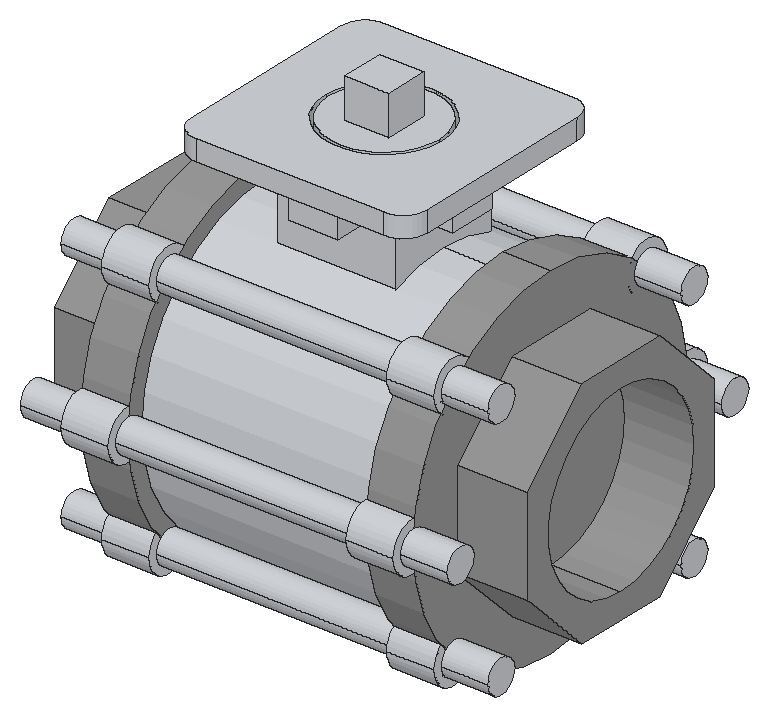
Revit family "310AM-Ball-Valve", category Pipe Accessories, Revit 2018
Family settings
  Round Connector Dimension = Use Diameter
  Part Type = Valve - Breaks Into
  OmniClass Number = 23.60.30.11.14
  OmniClass Title = Pipework Fittings
  Work Plane-Based = No
  Always vertical = Yes
  Cut with Voids When Loaded = No
  Shared = No
Parameters
  Z4 [instance] = size_lookup(LookupTable, "Z4", 0.000", Nominal Diameter)  # 0.670"
  Weight [instance] = size_lookup(LookupTable, "Weight", "NA", Nominal Diameter)  # "24.36 lbs."
  URL = "http://www.fnw.com"
  Standards Lookup Table = "Standards"  # constant formula
  R3 [instance] = size_lookup(LookupTable, "R3", 0.000", Nominal Diameter)  # 2.930"
  Product ID Handle [instance] = size_lookup(LookupTable, "ProductIDHandle", "NA", Nominal Diameter)  # "4219321"
  Product ID [instance] = size_lookup(LookupTable, "ProductID", "NA", Nominal Diameter)  # "4106224"
  Pipe Diameter [instance] = size_lookup(Standards Lookup Table, "copper", 0.000", Nominal Diameter)  # 3.125"
  Pins [instance] = Lm / 2  # 1.465"
  Pin Length [instance] = X2 * 4 + X3  # 7.284"
  Pin Diameter [instance] = size_lookup(LookupTable, "m", 0.000", Nominal Diameter)  # 0.5625"
  Pin Bung [instance] = Pin Diameter * 1.5  # 0.84375"
  Part Number Handle [instance] = size_lookup(LookupTable, "PartNumberHandle", "NA", Nominal Diameter)  # "FNW310AMLHKLM"
  Part Number [instance] = size_lookup(LookupTable, "PartNumber", "NA", Nominal Diameter)  # "FNW310AMM"
  PIpe Radius [instance] = Pipe Diameter / 2  # 1.5625"
  NPT Insert [instance] = size_lookup(Standards Lookup Table, "NPT_insert", 0.000", Nominal Diameter)  # 1.200"
  Manufacturer = "FNW"  # constant formula
  Lm [instance] = size_lookup(LookupTable, "lm", 0.000", Nominal Diameter)  # 2.930"
  Handle_3_Down [instance] = Nominal Diameter < 3.500"  # yes
  Grip Pin4 [instance] = X3 / 2 + (X2 * 2)  # 3.642"
  Gear [instance] = D3_Half - 0.063"  # 0.942"
  Description BOM Handle [instance] = size_lookup(LookupTable, "Description_BOMHandle", "NA", Nominal Diameter)  # "2-1/2 - 3 Locking Handle Kit F/310AM-330A"
  Description BOM [instance] = size_lookup(LookupTable, "Description_BOM", "NA", Nominal Diameter)  # "3 Stainless Steel 1000# Threaded 3 Piece Full Port Isolation BV"
  Z3 [instance] = size_lookup(LookupTable, "Z3", 0.000", Nominal Diameter)  # 0.350"
  Z2 [instance] = size_lookup(LookupTable, "Z2", 0.000", Nominal Diameter)  # 0.700"
  Z1 [instance] = size_lookup(LookupTable, "Z1", 0.000", Nominal Diameter)  # 3.220"
  X3 [instance] = size_lookup(LookupTable, "X3", 0.000", Nominal Diameter)  # 4.056"
  X2 [instance] = size_lookup(LookupTable, "X2", 0.000", Nominal Diameter)  # 0.807"
  X1 [instance] = size_lookup(LookupTable, "X1", 0.000", Nominal Diameter)  # 1.200"
  Show Lever Clearance [instance] = no
  R2 [instance] = size_lookup(LookupTable, "R2", 0.000", Nominal Diameter)  # 2.64875"
  R1_Diam [instance] = R1 * 2  # 3.980"
  R1 [instance] = size_lookup(LookupTable, "R1", 0.000", Nominal Diameter)  # 1.990"
  Nominal Radius [instance] = Nominal Diameter / 2  # 1.500"
  Nominal Diameter [instance] = 3.000"
  LookupTable = "valve-ball-3p-thd-iso-lock-lever 310AM"  # constant formula
  HexAngle1 [instance] = 135.00°
  D4 [instance] = size_lookup(LookupTable, "D4", 0.000", Nominal Diameter)  # 0.750"
  D3_Half [instance] = D3 / 2  # 1.005"
  D3 [instance] = size_lookup(LookupTable, "D3", 0.000", Nominal Diameter)  # 2.010"
  D2_Half [instance] = D2 / 2  # 1.5075"
  D2 [instance] = size_lookup(LookupTable, "D2", 0.000", Nominal Diameter)  # 3.015"
  D1_Half [instance] = D1 / 2  # 2.010"
  D1 [instance] = size_lookup(LookupTable, "D1", 0.000", Nominal Diameter)  # 4.020"
  Below3in [instance] = Nominal Diameter < 3.000"  # no
  4 in handle [instance] = Nominal Diameter = 4.000"  # no
  3Up [instance] = Nominal Diameter > 2.500"  # yes
  1_Z2 [instance] = size_lookup(LookupTable, "1_Z2", 0.000", Nominal Diameter)  # 0.1644"
  1_Z1 [instance] = size_lookup(LookupTable, "1_Z1", 0.000", Nominal Diameter)  # 1.8256"
  1_Y1 [instance] = size_lookup(LookupTable, "1_Y1", 0.000", Nominal Diameter)  # 1.080"
  1_X6 [instance] = size_lookup(LookupTable, "1_X6", 0.000", Nominal Diameter)  # 0.375"
  1_X5 [instance] = size_lookup(LookupTable, "1_X5", 0.000", Nominal Diameter)  # 0.375"
  1_X4 [instance] = size_lookup(LookupTable, "1_X4", 0.000", Nominal Diameter)  # 2.010"
  1_X3 [instance] = size_lookup(LookupTable, "1_X3", 0.000", Nominal Diameter)  # 10.500"
  1_X2 [instance] = size_lookup(LookupTable, "1_X2", 0.000", Nominal Diameter)  # 1.8256"
  1_X1 [instance] = size_lookup(LookupTable, "1_X1", 0.000", Nominal Diameter)  # 4.020"
Reference planes (in)
  plane 1 "Center (Front/Back)": y = 0
  plane 2: z = 0
  plane 3 "Center (Left/Right)": x = 0
  plane 4 "X7 End": x = -4.035
  plane 5: x = -2.028
  plane 6: x = 2.028
  plane 7: x = 4.035
  plane 8 "Pipe radius": z = 1.5625
  plane 9 "NPT": x = -2.835
  plane 10: z = 1.99
  plane 11: z = 2.5
  plane 12: z = 3.22
  plane 13: z = 3.92
  plane 14 "top of pad": z = 4.27
  plane 15: z = 4.94
  plane 16: x = 2.835
  plane 17: x = 2.835
  plane 18: x = -2.835
  plane 19: y = -1.465
  plane 20: z = -1.465
  plane 21: z = 1.465
  plane 22: y = 1.465
  plane 23: x = 10.098
  plane 24: x = -6.87
  plane 25: z = -2.5
  plane 26: y = 2.5
  plane 27: y = -2.5
  plane 28: y = -1.465
  plane 29: z = -1.465
  plane 30: z = 1.465
  plane 31: y = 1.465
  plane 32: through (0, 0, 0) normal (0, 0.7071, -0.7071)
  plane 33: through (0, 0, 0) normal (0, 0.7071, 0.7071)
  plane 34: y = -1.465
  plane 35: y = 1.465
  plane 36: y = -1.465
  plane 37: z = -1.465
  plane 38: z = 1.465
  plane 39: y = 1.465
  plane 40 "Pin Plane": x = -3.642
  plane 41: x = 3.642
  plane 42 "NPT 3": x = 4.035
Forms (in)
  Extrusion 1, solid, material "Stainless Steel AISI 202", not visible
    sketch origin (-2.835, 0, 0) x (0, 0, 1) y (0, -1, 0)
      loop
        circle (0, 0) r 1.5
    from 0 to 5.67
  Extrusion 2, solid, material "Stainless Steel AISI 202"
    sketch origin (1.4276, 0, 0) x (0, 0, 1) y (0, -1, 0)
      loop
        line (-0.82428, -1.99) -> (0.82428, -1.99) -> (1.99, -0.82428) -> (1.99, 0.82428) -> (0.82428, 1.99) -> (-0.82428, 1.99) -> (-1.99, 0.82428) -> (-1.99, -0.82428) -> (-0.82428, -1.99)
      loop
        circle (0, 0) r 1.5625
    from -5.4626 to 2.6074
  Extrusion 3, solid, material "Stainless Steel AISI 202"
    sketch origin (1.4276, 0, 0) x (0, 0, 1) y (0, -1, 0)
      loop
        circle (0, 0) r 2.93
    from 0.6004 to 1.4074
  Extrusion 4, solid, material "Stainless Steel AISI 202"
    sketch origin (-1.4276, 0, 0) x (0, 0, 1) y (0, 1, 0)
      loop
        circle (0, 0) r 2.93
    from 0.6004 to 1.4074
  Extrusion 5, solid
    sketch origin (-2.835, 0, 0) x (0, 0, 1) y (0, -1, 0)
      loop
        circle (0, 0) r 2.64875
      loop
        circle (0, 0) r 1.5625
    from 0.807 to 4.863
  Extrusion 6, solid
    sketch origin (0, 0, 0.865) x (-1, 0, 0) y (0, -1, 0)
      loop
        arc (1.59333, -2.01) -> (1.88796, -1.88796) -> (2.01, -1.59333) r 0.41667
        line (2.01, -1.59333) -> (2.01, 1.59333)
        arc (2.01, 1.59333) -> (1.88796, 1.88796) -> (1.59333, 2.01) r 0.41667
        line (1.59333, 2.01) -> (-1.59333, 2.01)
        arc (-1.59333, 2.01) -> (-1.88796, 1.88796) -> (-2.01, 1.59333) r 0.41667
        line (-2.01, 1.59333) -> (-2.01, -1.59333)
        arc (-2.01, -1.59333) -> (-1.88796, -1.88796) -> (-1.59333, -2.01) r 0.41667
        line (-1.59333, -2.01) -> (1.59333, -2.01)
      loop
        circle (0, 0) r 1.005
      loop
        circle (0, 0) r 0.942
    from 3.055 to 3.405
  Extrusion 7, solid
    sketch origin (0, 0, 0.865) x (-1, 0, 0) y (0, -1, 0)
      loop
        line (0.41667, -1.5075) -> (0.41667, -0.41667) -> (1.5075, -0.41667) -> (1.5075, 0.41667) -> (0.41667, 0.41667) -> (0.41667, 1.5075) -> (-0.41667, 1.5075) -> (-0.41667, 0.41667) -> (-1.5075, 0.41667) -> (-1.5075, -0.41667) -> (-0.41667, -0.41667) -> (-0.41667, -1.5075) -> (0.41667, -1.5075)
    from 2.355 to 3.055
  Extrusion 8, solid
    sketch origin (0, 0, 0.865) x (-1, 0, 0) y (0, -1, 0)
      loop
        line (1.005, -1.005) -> (1.005, 1.005) -> (-1.005, 1.005) -> (-1.005, -1.005) -> (1.005, -1.005)
    from 0.6975 to 3.055
  Extrusion 9, solid
    sketch origin (0, 0, 0.865) x (-1, 0, 0) y (0, -1, 0)
      loop
        line (0.375, -0.375) -> (0.375, 0.375) -> (-0.375, 0.375) -> (-0.375, -0.375) -> (0.375, -0.375)
    from 2.355 to 4.075
  Extrusion 10, solid, visible <- "Below3in"
    sketch origin (-2.835, 0, 0) x (0, 0, 1) y (0, -1, 0)
      loop
        circle (1.465, 1.465) r 0.28125
      loop
        circle (1.465, -1.465) r 0.28125
      loop
        circle (-1.465, -1.465) r 0.28125
      loop
        circle (-1.465, 1.465) r 0.28125
    from -0.807 to 6.477
  Extrusion 11, solid, visible <- "Below3in"
    sketch origin (-2.835, 0, 0) x (0, 0, 1) y (0, -1, 0)
      loop
        circle (1.465, -1.465) r 0.42188
      loop
        circle (1.465, 1.465) r 0.42188
      loop
        circle (-1.465, 1.465) r 0.42188
      loop
        circle (-1.465, -1.465) r 0.42188
    from 0 to 0.807
  Extrusion 12, solid, visible <- "Below3in"
    sketch origin (-2.835, 0, 0) x (0, 0, 1) y (0, -1, 0)
      loop
        circle (1.465, -1.465) r 0.42188
      loop
        circle (1.465, 1.465) r 0.42188
      loop
        circle (-1.465, 1.465) r 0.42188
      loop
        circle (-1.465, -1.465) r 0.42188
    from 4.863 to 5.67
Dimensions and locks (in)
  "PIpe Radius": plane 8 "Pipe radius" to plane 2
  "X1": plane 4 "X7 End" to plane 9 "NPT"
  "R1": Extrusion 2 sketch curve to plane 1 "Center (Front/Back)"
  "R1": plane 1 "Center (Front/Back)" to Extrusion 2 sketch curve  (x5)
  "R1": plane 2 to Extrusion 2 sketch curve  (x2)
  "R1": plane 10 to plane 2
  "Z1": plane 12 to plane 2
  "Z2": plane 13 to plane 12
  "Z3": plane 14 "top of pad" to plane 13
  "Z4": plane 15 to plane 14 "top of pad"
  "X2": plane 5 to plane 9 "NPT"
  "D1_Half": Extrusion 6 sketch curve to plane 3 "Center (Left/Right)"
  "D1_Half": plane 3 "Center (Left/Right)" to Extrusion 6 sketch curve
  "D1_Half": plane 1 "Center (Front/Back)" to Extrusion 6 sketch curve
  "D1_Half": Extrusion 6 sketch curve to plane 1 "Center (Front/Back)"
  "D3_Half": Extrusion 8 sketch curve to plane 3 "Center (Left/Right)"
  "D3_Half": plane 3 "Center (Left/Right)" to Extrusion 8 sketch curve
  "D3_Half": plane 1 "Center (Front/Back)" to Extrusion 8 sketch curve  (x2)
  "NPT Insert": plane 4 "X7 End" to plane 18
  "NPT Insert": plane 7 to plane 17
  equal spacing: Extrusion 7 sketch curve, plane 3 "Center (Left/Right)", Extrusion 7 sketch curve  (x3)
  equal spacing: Extrusion 7 sketch curve, plane 1 "Center (Front/Back)", Extrusion 7 sketch curve  (x3)
  "D2": Extrusion 7 sketch curve to Extrusion 7 sketch curve  (x2)
  Extrusion 7 sketch curve to Extrusion 7 sketch curve = 0.83333"  (x4)
  equal spacing: Extrusion 9 sketch curve, plane 1 "Center (Front/Back)", Extrusion 9 sketch curve
  "D4": Extrusion 9 sketch curve to Extrusion 9 sketch curve  (x2)
  equal spacing: Extrusion 9 sketch curve, plane 3 "Center (Left/Right)", Extrusion 9 sketch curve
  "Pins": plane 2 to plane 21
  "Pins": plane 2 to plane 20
  "Pins": plane 1 "Center (Front/Back)" to plane 19
  "Pins": plane 22 to plane 1 "Center (Front/Back)"
  equal spacing: plane 11, plane 2, plane 25
  plane 11 to plane 25 = 5.000"
  equal spacing: plane 26, plane 1 "Center (Front/Back)", plane 27
  plane 26 to plane 27 = 5.000"
  "Pins": plane 31 to plane 1 "Center (Front/Back)" to plane 28
  "Pins": plane 29 to plane 2 to plane 30
  plane 35 to plane 34 = 2.930"
  equal spacing: plane 35, plane 1 "Center (Front/Back)", plane 34
  "Lm": plane 35 to plane 34
  plane 39 to plane 36 = 2.930"
  plane 37 to plane 38 = 2.930"
  "X2": plane 16 to plane 6
  "X2": plane 18 to plane 40 "Pin Plane"
  "X2": plane 41 to plane 17
  equal spacing: plane 6, plane 3 "Center (Left/Right)", plane 5
  "X3": plane 6 to plane 5
  "X1": plane 42 "NPT 3" to plane 16
  "Grip Pin4": Extrusion 10 to plane 3 "Center (Left/Right)"
  "Lm": nested 1 to plane 1 "Center (Front/Back)"
  "Lm": plane 1 "Center (Front/Back)" to nested 2
  "Lm": nested 4 to plane 32
  "Lm": nested 3 to plane 33
  "Lm": plane 32 to nested 5
  "Lm": plane 33 to nested 6
  "Nominal Radius": radius of Extrusion 1 sketch curve
  "PIpe Radius": radius of Extrusion 2 sketch curve
  "R2": radius of Extrusion 5 sketch curve
  radius of Extrusion 6 sketch curve = 0.41667"  (x4)
  "D3_Half": radius of Extrusion 6 sketch curve
  "Gear": radius of Extrusion 6 sketch curve
  "PIpe Radius": radius of Extrusion 5 sketch curve
  "Pin Diameter": diameter of Extrusion 10 sketch curve  (x4)
  "Pin Bung": diameter of Extrusion 11 sketch curve  (x4)
  "Pin Bung": diameter of Extrusion 12 sketch curve  (x4)
  "R3": radius of Extrusion 4 sketch curve
  "R3": radius of Extrusion 3 sketch curve
  angle Extrusion 2 sketch curve to Extrusion 2 sketch curve = 135.00°  (x7)
  aligned and locked: plane 2 to level
  aligned and locked: plane 4 "X7 End" to Extrusion 2
  aligned and locked: Extrusion 3 to plane 6
  aligned and locked: Extrusion 3 to plane 16
  aligned and locked: Extrusion 4 to plane 5
  aligned and locked: Extrusion 4 to plane 9 "NPT"
  aligned and locked: Extrusion 5 to plane 6
  aligned and locked: Extrusion 5 to plane 5
  aligned and locked: Extrusion 6 to plane 13
  aligned and locked: plane 14 "top of pad" to Extrusion 6
  aligned and locked: plane 13 to Extrusion 7
  aligned and locked: Extrusion 7 to plane 12
  aligned and locked: Extrusion 8 to plane 8 "Pipe radius"
  aligned and locked: Extrusion 1 to plane 18
  aligned and locked: plane 13 to Extrusion 8
  aligned and locked: Extrusion 9 to plane 12
  aligned and locked: Extrusion 9 to plane 15
  aligned and locked: plane 5 to Extrusion 11
  aligned and locked: Extrusion 11 to plane 9 "NPT"
  aligned and locked: Extrusion 12 to plane 6
  aligned and locked: Extrusion 12 to Extrusion 1
  aligned and locked: plane 16 to Extrusion 12
  aligned and locked: Extrusion 3 to Extrusion 12
  aligned and locked: Extrusion 2 to plane 42 "NPT 3"
  aligned and locked: plane 2 to nested 1
Automatic sketch dimensions
  Extrusion 1 sketch curve to level = 0.000"
  Extrusion 1 sketch curve to plane 1 "Center (Front/Back)" = 0.000"
  Extrusion 2 sketch curve to level = 0.000"
  Extrusion 2 sketch curve to plane 1 "Center (Front/Back)" = 0.000"
  Extrusion 3 sketch curve to level = 0.000"
  Extrusion 3 sketch curve to plane 1 "Center (Front/Back)" = 0.000"
  Extrusion 4 sketch curve to level = 0.000"
  Extrusion 4 sketch curve to plane 1 "Center (Front/Back)" = 0.000"
  Extrusion 5 sketch curve to Extrusion 5 sketch curve = 0.000"  (x2)
  Extrusion 5 sketch curve to level = 0.000"
  Extrusion 5 sketch curve to plane 1 "Center (Front/Back)" = 0.000"
  Extrusion 6 sketch curve to Extrusion 6 sketch curve = 0.000"  (x2)
  plane 1 "Center (Front/Back)" to Extrusion 6 sketch curve = 0.000"
  Extrusion 6 sketch curve to plane 3 "Center (Left/Right)" = 0.000"
  plane 20 to Extrusion 10 sketch curve = 0.000"
  Extrusion 10 sketch curve to plane 19 = 0.000"  (x2)
  Extrusion 10 sketch curve to plane 20 = 0.000"
  plane 21 to Extrusion 10 sketch curve = 0.000"
  Extrusion 10 sketch curve to plane 21 = 0.000"
  Extrusion 10 sketch curve to plane 22 = 0.000"  (x2)
  Extrusion 11 sketch curve to plane 28 = 0.000"  (x2)
  Extrusion 11 sketch curve to plane 29 = 0.000"
  plane 29 to Extrusion 11 sketch curve = 0.000"
  Extrusion 11 sketch curve to plane 30 = 0.000"
  plane 30 to Extrusion 11 sketch curve = 0.000"
  Extrusion 11 sketch curve to plane 31 = 0.000"  (x2)
  plane 32 to Extrusion 12 sketch curve = 0.000"  (x2)
  Extrusion 12 sketch curve to plane 34 = 0.000"  (x2)
  plane 33 to Extrusion 12 sketch curve = 0.000"  (x2)
  Extrusion 12 sketch curve to plane 35 = 0.000"  (x2)
Nested families (in)
  nested 1: "FB_Pin" at (-3.642, 2.93, 0) x (0, -1, 0) z (1, 0, 0), Bung Diam <- "Pin Bung", Pin Diameter <- "Pin Diameter", X2 <- "X2", X3 <- "X3", visible <- "3Up", LengthofPin <- "Pin Length", type "Family1"
    with X3 4.056", X2 0.807", Pin Diameter 0.5625", LengthofPin 7.284", Bung Diam 0.84375"
  nested 2: "FB_Pin" at (-3.642, -2.93, 0) x (0, 1, 0) z (1, 0, 0), Bung Diam <- "Pin Bung", Pin Diameter <- "Pin Diameter", X2 <- "X2", X3 <- "X3", visible <- "3Up", LengthofPin <- "Pin Length", type "Family1"
    with X3 4.056", X2 0.807", Pin Diameter 0.5625", LengthofPin 7.284", Bung Diam 0.84375"
  nested 3: "FB_Pin" at (-3.642, -2.05844, -2.08521) x (0, 1, 0) z (1, 0, 0), Bung Diam <- "Pin Bung", Pin Diameter <- "Pin Diameter", X2 <- "X2", X3 <- "X3", visible <- "3Up", LengthofPin <- "Pin Length", type "Family1"
    with X3 4.056", X2 0.807", Pin Diameter 0.5625", LengthofPin 7.284", Bung Diam 0.84375"
  nested 4: "FB_Pin" at (-3.642, 2.05844, -2.08521) x (0, -1, 0) z (1, 0, 0), Bung Diam <- "Pin Bung", Pin Diameter <- "Pin Diameter", X2 <- "X2", X3 <- "X3", visible <- "3Up", LengthofPin <- "Pin Length", type "Family1"
    with X3 4.056", X2 0.807", Pin Diameter 0.5625", LengthofPin 7.284", Bung Diam 0.84375"
  nested 5: "FB_Pin" at (-3.642, -2.05844, 2.08521) x (0, 1, 0) z (1, 0, 0), Bung Diam <- "Pin Bung", Pin Diameter <- "Pin Diameter", X2 <- "X2", X3 <- "X3", visible <- "3Up", LengthofPin <- "Pin Length", type "Family1"
    with X3 4.056", X2 0.807", Pin Diameter 0.5625", LengthofPin 7.284", Bung Diam 0.84375"
  nested 6: "FB_Pin" at (-3.642, 2.05844, 2.08521) x (0, -1, 0) z (1, 0, 0), Bung Diam <- "Pin Bung", Pin Diameter <- "Pin Diameter", X2 <- "X2", X3 <- "X3", visible <- "3Up", LengthofPin <- "Pin Length", type "Family1"
    with X3 4.056", X2 0.807", Pin Diameter 0.5625", LengthofPin 7.284", Bung Diam 0.84375"
Connectors (in)
  piping at (-2.835, 0, 0), diameter 3, driven by "Nominal Diameter"
    settings: on Extrusion 1, index 1, connector inside diameter 24", connector length 0.000", flow factor 0, pipe flow 0 GPM, pressure drop 0.00 psi, fitting loss kfactor 0, connector angle 0.00°, fixture units 0, engagement length 0.000", angle of deflection 0.00°, flow configuration 0, flow direction 0, fitting loss method 0, system type 7, joint type 0, gender type 0, connector reference index 2, connector utility 0, adjustable connector no, is connector primary yes, connector description ""
  piping at (2.835, 0, 0), diameter 3, driven by "Nominal Diameter"
    settings: on Extrusion 1, index 2, connector inside diameter 24", connector length 0.000", flow factor 0, pipe flow 0 GPM, pressure drop 0.00 psi, fitting loss kfactor 0, connector angle 0.00°, fixture units 0, engagement length 0.000", angle of deflection 0.00°, flow configuration 0, flow direction 0, fitting loss method 0, system type 7, joint type 0, gender type 0, connector reference index 1, connector utility 0, adjustable connector no, is connector primary no, connector description ""
Definition of nested family "FB_Pin"
  Parameters (values of type "Family1")
    X3 [instance] = 0.30774"
    X2 [instance] = 0.14044"
    Pin Diameter [instance] = 0.250"
    LengthofPin [instance] = 1.000"
    Default Elevation = 48.000"
    Bung Diam [instance] = 0.41382"
  Reference planes (in)
    plane 1 "Center (Front/Back)": y = 0
    plane 2: z = 0
    plane 3 "Center (Left/Right)": x = 0
    plane 4: z = 1
    plane 5 "B1": z = 0.14044
    plane 6: z = 0.28088
    plane 7 "B2": z = 0.58862
    plane 8: z = 0.72906
  Forms (in)
    Extrusion 1, solid
      sketch origin (0, 0, 0) x (1, 0, 0) y (0, 1, 0)
        loop
          line (-48, 48) -> (-48, -48) -> (48, -48) -> (48, 48) -> (-48, 48)
      from 0 to -12
    Extrusion 2, solid
      sketch origin (0, 0, 0) x (1, 0, 0) y (0, 1, 0)
        loop
          circle (0, 0) r 0.125
      from 0 to 1
    Extrusion 3, solid
      sketch origin (0, 0, 0) x (1, 0, 0) y (0, 1, 0)
        loop
          circle (0, 0) r 0.20691
      from 0.58862 to 0.72906
    Extrusion 4, solid
      sketch origin (0, 0, 0) x (1, 0, 0) y (0, 1, 0)
        loop
          circle (0, 0) r 0.20691
      from 0.14044 to 0.28088
  Lines and regions (in)
    reference lines
      curve 1: line (0, 0.6456, 0) -> (0, -0.6044, 0)
      curve 2: line (1, 0, 0) -> (-0.8237, 0, 0)
      curve 3: line (0, 0, 15.25) -> (0, 0, -1)
    model lines
      curve 4: line (0, 0, 1) -> (0, 0, 0)
  Dimensions and locks (in)
    "LengthofPin": plane 4 to plane 2
    "X2": plane 5 "B1" to plane 2
    "X2": plane 6 to plane 5 "B1"
    "X3": plane 7 "B2" to plane 6
    "X2": plane 8 to plane 7 "B2"
    "LengthofPin": curve 4 to curve 4
    "Pin Diameter": diameter of Extrusion 2 sketch curve
    "Bung Diam": diameter of Extrusion 3 sketch curve
    "Bung Diam": diameter of Extrusion 4 sketch curve
    aligned and locked: plane 2 to Extrusion 1
    aligned and locked: level to Extrusion 1
    aligned and locked: Extrusion 2 to plane 4
    aligned and locked: Extrusion 2 to plane 2
    aligned and locked: curve 4 to plane 3 "Center (Left/Right)"
    aligned and locked: plane 8 to Extrusion 3
    aligned and locked: Extrusion 3 to plane 7 "B2"
    aligned and locked: Extrusion 4 to plane 5 "B1"
    aligned and locked: plane 6 to Extrusion 4
    aligned and locked: Extrusion 1 to curve 4
  Automatic sketch dimensions
    Extrusion 1 sketch curve to Extrusion 1 sketch curve = 96.000"  (x2)
    plane 1 "Center (Front/Back)" to curve 2 = 0.000"
    curve 1 to plane 3 "Center (Left/Right)" = 0.000"
    curve 2 to plane 3 "Center (Left/Right)" = 0.8237"
    plane 3 "Center (Left/Right)" to curve 2 = 1.000"
    plane 1 "Center (Front/Back)" to curve 1 = 0.6044"
    curve 1 to plane 1 "Center (Front/Back)" = 0.6456"
    curve 3 to plane 3 "Center (Left/Right)" = 0.000"
    curve 3 to level = 1.000"
    curve 3 to plane 4 = 14.250"
    plane 1 "Center (Front/Back)" to Extrusion 2 sketch curve = 0.000"
    Extrusion 2 sketch curve to plane 3 "Center (Left/Right)" = 0.000"
    plane 1 "Center (Front/Back)" to Extrusion 3 sketch curve = 0.000"
    Extrusion 3 sketch curve to plane 3 "Center (Left/Right)" = 0.000"
    plane 1 "Center (Front/Back)" to Extrusion 4 sketch curve = 0.000"
    Extrusion 4 sketch curve to plane 3 "Center (Left/Right)" = 0.000"
